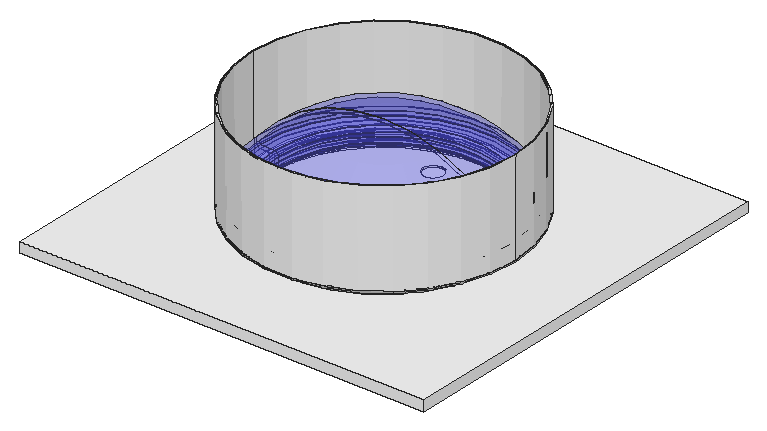
Revit family "BE_51017.2_de_DE", category Leuchten, Revit 2020
Family settings
  Basisbauteil = Fläche
  Bemaßung runder Anschluss = Durchmesser verwenden
  Teiletyp = Normal
  Beim Laden mit Abzugskörper schneiden = Ja
  Lichtquelle = Ja
  Gemeinsam genutzt = Nein
  Raumberechnungspunkt = Ja
Parameters (values of type "BEGA_51017.2_K3")
  built-in parameter 1150104 = 13.816 (stored number, unit not read)
  Wattage = 11.6 W
  Default Elevation = 0 mm
  built-in parameter 1150113 = 1 (stored number, unit not read)
  built-in parameter 1114218 = 1 (stored number, unit not read)
  Umgebungstemperatur = "25 °C"
  URL = "https://www.bega.com/de/produkt/51017.2"
  Typenkommentare = "© 2022 BEGA. Wir behalten uns das Recht vor, technische Änderungen ohne vorherige Ankündigung vorzunehmen."  # constant formula
  built-in parameter 1150134 = (empty or 0)
  built-in parameter 1150109 = 1 (stored number, unit not read)
  Strom = ""
  built-in parameter 1150110 = 1 (stored number, unit not read)
  Spannung = 239.996 V
  Sonderanfertigung = no
  Seriennummer [instance] = "Hier können Sie die eindeutige Seriennummer für das Facility Management eintragen."
  Schutzklasse = "I"
  Schutzart = "IP 20"
  Scheinlast = 0 VA
  Produktdatenblatt = "https://cdn.bega.com/bega/products/51017.2K3/current/documents/data-sheets/de"
  Oberflächentemperatur = ""
  Neigungswinkel = 0.00°
  Modell = "51017.2K3"
  Material_34 = BEGA_Oberfläche_Samtweiss_matt
  Material_22 = BEGA_Oberfläche_Aluminium_matt
  Material_14 = BEGA_Kunststoff_opal
  M_W = no
  M_G = no
  M_A = no
  Logo = 0
  built-in parameter 1114217 = 1 (stored number, unit not read)
  built-in parameter 1150139 = (empty or 0)
  built-in parameter 1150105 = 137.27 (stored number, unit not read)
  built-in parameter 1150114 = 1 (stored number, unit not read)
  Lumens = 1725.04 lm
  built-in parameter 1150115 = 1 (stored number, unit not read)
  Leuchtenlichtstrom = "1026 lm"
  Leuchtenanzahl = ""
  Lebensdauerkriterien = "L70B50 @ 25 °C = 131000 h"
  Lastklassifizierung = Beleuchtung
  built-in parameter 1150112 = 1 (stored number, unit not read)
  Lampenlichtstrom = "1725 lm"
  Lampe = "LED 11.6 W"
  LED_Modulbezeichnung = "LED-0509/930"
  Hersteller = "BEGA"  # constant formula
  Halbstreuwinkel = ""
  Gewicht = "1.55 kg"
  Gebrauchslageneinschränkung [instance] = ""
  Frequenz = "50-60 Hz"
  Farbwiedergabeindex = "CRI > 90"
  Farbtemperaturverschiebung bei Dämpfen der Lampe = <Keine Auswahl>
  Farbtemperatur = "3000 K"
  Color Filter = 16777215
  built-in parameter 1150133 = 10 (stored number, unit not read)
  Energieeffizienzklasse = "LED A++ - A"
  built-in parameter 1150137 = (empty or 0)
  built-in parameter 1150132 = (empty or 0)
  ENEC = "ja"
  Dimmbar [instance] = "on/off"
  Datei für fotometrisches Netz = "BE_51017-2K3.ies"
  CE_Konformität = "ja"
  Bestellnummer = "51017.2K3"
  Beschreibung_Sonderanfertigung = "Hier können Sie Informationen zur Sonderanfertigung eintragen."
  Beschreibung = "Deckenleuchte"
  built-in parameter 1150106 = 1.3727 (stored number, unit not read)
  Befestigungsbohrung = "Ø 5,5 mm"
  Befestigungsabstand = "180 mm"
  Ballwurfsicher = ""
  BEGA_Intern_aus = yes
  BEGA_Intern_an = yes
  BEGA_Intern_Konstruktion = yes
  BEGA_Intern = yes
  BEGA_IES = yes
  BEGA_Dummy = no
  Anschlussleitung = ""
  Anschlussleistung [instance] = "15.5 W"
  Anschlusskasten = ""
  built-in parameter 1150107 = 3000 (stored number, unit not read)
  built-in parameter 1150102 = (empty or 0)
  built-in parameter 1150138 = (empty or 0)
  Aktualisierung = "2022-12-13T04:00:03"
  Abstand_zur_angestrahlten_Fläche [instance] = ""
  AC/DC = "AC"
Reference planes
  plane 1 "Mitte (Vorne/Hinten)": y = 0
  plane 2: z = 0
  plane 3 "Mitte (Links/Rechts)": x = 0
  plane 4 "Links": x = -131.008
  plane 5 "Rechts": x = 130.988
  plane 6 "Unten": y = -130.896
  plane 7 "Oben": y = 130.91
  plane 8 "Vorne": z = 104.998
  plane 9 "Hinten": z = 0
Forms (mm)
  Extrusion 1, solid, material "BEGA_Platte_Weiss"
    sketch origin (0, -1119.2, 0) x (1, 0, 0) y (0, 1, 0)
      loop
        line (-200, 1319.2) -> (-200, 919.2) -> (200, 919.2) -> (200, 1319.2) -> (-200, 1319.2)
    from 0 to -10
  Extrusion 2, solid, material "BEGA_Dummy_matt", visible <- "BEGA_Dummy"
    sketch origin (77.149, -76.023, 0) x (1, 0, 0) y (0, 1, 0)
      loop
        circle (-77.149, 76.023) r 130.825
    from 0 to 104.998
Dimensions and locks
  plane 1 "Mitte (Vorne/Hinten)" to Extrusion 1 = 200 mm
  aligned and locked: Extrusion 1 to plane 2
  aligned and locked: Extrusion 1 to level
Nested families
  nested 1: "BE_51017.2_Leuchte" at (0, 0, 0), type "BE_51017.2_Leuchte"
Connectors
  electrical at (0, 0, 0), driven by "Lastklassifizierung", driven by "Spannung", driven by "Scheinlast"
    settings: index 1, voltage 239.996 V, apparent load 0 VA, apparent load phase1 0 VA, apparent load phase2 0 VA, apparent load phase3 0 VA, power factor 1, load classification "Beleuchtung", number of poles 1, system type 31, power factor state 1, is connector primary yes, connector utility no, sub classification motor no, connector description ""
Definition of nested family "BE_51017.2_Leuchte"
  Parameters (values of type "BE_51017.2_Leuchte")
    Default Elevation = 1 mm
    URL = "http://www.bega.de/de/produkt"
    Type Comments = "© 2015 BEGA. Wir behalten uns das Recht vor, technische Änderungen ohne vorherige Ankündigung vorzunehmen. "  # constant formula
    Type Image = (empty or 0)
    Material_34 = none
    Material_22 = none
    Material_14 = none
    Länge_Platte = 200 mm  # constant formula
    Höhe_Platte = -10 mm  # constant formula
    Manufacturer = "BEGA"  # constant formula
    Breite_Platte = 200 mm  # constant formula
  Reference planes
    plane 1 "Mitte (Oben/Unten)": y = 0
    plane 2: z = 0
    plane 3 "Mitte (Links/Rechts)": x = 0
    plane 4: y = 130.91
    plane 5: x = 130.988
    plane 6: y = -130.896
    plane 7: x = -131.008
    plane 8: z = 104.998
    plane 9: z = 0
  Forms (mm)
    Extrusion 1, solid, detail levels medium
      sketch origin (0, 0, 0) x (1, 0, 0) y (0, 1, 0)
        loop
          line (-100, 100) -> (-100, -100) -> (100, -100) -> (100, 100) -> (-100, 100)
      from 0 to -10 <- "Höhe_Platte"
    Revolve 2, solid, material <- "Material_34"
      sketch origin (0, 0, 0) x (1, 0, 0) y (0, 0, 1)
        loop
          line (115.329, 20) -> (117.5, 20) -> (117.5, 21) -> (115.331, 21)
          arc (115.331, 21) -> (114.063, 20.484) -> (113.524, 19.225) r 1.8
          line (113.524, 19.225) -> (113.276, 4.974)
          arc (113.276, 4.974) -> (112.826, 3.93) -> (111.774, 3.5) r 1.5
          line (111.774, 3.5) -> (0, 3.5) -> (0, 2.5) -> (111.777, 2.5)
          arc (111.777, 2.5) -> (113.501, 3.19) -> (114.274, 4.878) r 2.5
          line (114.274, 4.878) -> (114.524, 19.21)
          arc (114.524, 19.21) -> (114.764, 19.771) -> (115.329, 20) r 0.8
        axis (0, 2.5) -> (0, 21)
      angle from 0 to 360
    Extrusion 3, void
      sketch origin (0, 0, 0) x (1, 0, 0) y (0, 1, 0)
        loop
          circle (-15, 80) r 10
        loop
          circle (15, 80) r 10
        loop
          circle (-90, 0) r 2.75
        loop
          circle (90, 0) r 2.75
      from 0 to 4.878
    Revolve 4, solid, material <- "Material_14"
      sketch origin (0, 0, 0) x (1, 0, 0) y (0, 0, 1)
        loop
          arc (0, 87.2) -> (67.014, 72.201) -> (121.239, 30.065) r 157.2
          arc (121.239, 30.065) -> (122.17, 27.888) -> (121.777, 25.553) r 4.2
          line (121.777, 25.553) -> (107.481, 24.804)
          arc (107.481, 24.804) -> (104.796, 23.561) -> (103.7, 20.813) r 4
          line (103.7, 20.813) -> (103.7, 17) -> (103.7, 11.774)
          arc (103.7, 11.774) -> (104.098, 10.28) -> (105.186, 9.182) r 3.003
          line (105.186, 9.182) -> (107.458, 7.87)
          arc (107.458, 7.87) -> (108.492, 6.868) -> (108.941, 5.5) r 3.003
          line (108.941, 5.5) -> (112.75, 5.5) -> (112.75, 8.743)
          arc (112.75, 8.743) -> (112.644, 9.141) -> (112.354, 9.434) r 0.801
          line (112.354, 9.434) -> (108, 11.947)
          arc (108, 11.947) -> (107.634, 12.314) -> (107.5, 12.814) r 1.001
          line (107.5, 12.814) -> (107.5, 17) -> (107.5, 20.051)
          arc (107.5, 20.051) -> (107.774, 20.739) -> (108.446, 21.05) r 1
          line (108.446, 21.05) -> (121.856, 21.752)
          arc (121.856, 21.752) -> (123.904, 22.445) -> (125.293, 24.103) r 4
          arc (125.293, 24.103) -> (125.93, 28.446) -> (124.179, 32.472) r 8
          arc (124.179, 32.472) -> (68.64, 75.635) -> (0, 91) r 161
          line (0, 91) -> (0, 87.2)
        axis (0, 5.5) -> (0, 91)
      angle from 0 to 360
    Revolve 5, solid, material <- "Material_34"
      sketch origin (0, 0, 0) x (1, 0, 0) y (0, 0, 1)
        loop
          line (130.498, 11.487) -> (130.825, 104.995) -> (129.825, 104.998) -> (129.498, 11.491)
          arc (129.498, 11.491) -> (129.203, 10.79) -> (128.5, 10.5) r 0.998
          line (128.5, 10.5) -> (116.927, 10.5)
          arc (116.927, 10.5) -> (116.003, 10.122) -> (115.609, 9.205) r 1.318
          line (115.609, 9.205) -> (115.5, 2.974)
          arc (115.5, 2.974) -> (114.899, 1.576) -> (113.491, 1) r 2.009
          line (113.491, 1) -> (110.5, 1) -> (110.5, 0) -> (113.491, 0)
          arc (113.491, 0) -> (115.6, 0.863) -> (116.5, 2.956) r 3.009
          line (116.5, 2.956) -> (116.614, 9.5) -> (128.5, 9.5)
          arc (128.5, 9.5) -> (129.909, 10.081) -> (130.498, 11.487) r 1.998
        axis (0, 0) -> (0, 104.998)
      angle from 0 to 360
    Revolve 6, solid, material <- "Material_22"
      sketch origin (0, 0, 0) x (1, 0, 0) y (0, 0, 1)
        loop
          line (110.5, 2.5) -> (110.5, 1) -> (113.491, 1)
          arc (113.491, 1) -> (114.899, 1.576) -> (115.5, 2.974) r 2.009
          line (115.5, 2.974) -> (115.606, 9.033)
          arc (115.606, 9.033) -> (115.987, 9.999) -> (116.905, 10.487) r 1.5
          line (116.905, 10.487) -> (128.998, 10.487)
          arc (128.998, 10.487) -> (129.725, 11.09) -> (130, 11.995) r 1.645
          line (130, 11.995) -> (130.325, 104.995) -> (129.325, 104.995) -> (128.998, 11.487) -> (116.846, 11.487)
          arc (116.846, 11.487) -> (115.266, 10.693) -> (114.606, 9.052) r 2.5
          line (114.606, 9.052) -> (114.491, 2.5) -> (110.5, 2.5)
        axis (0, 1) -> (0, 104.995)
      angle from 0 to 360
  Cuts and joins
    Extrusion 3 cuts Revolve 2
  Dimensions and locks
    equal spacing: Extrusion 1 sketch curve, plane 3 "Mitte (Links/Rechts)", Extrusion 1 sketch curve
    equal spacing: Extrusion 1 sketch curve, plane 1 "Mitte (Oben/Unten)", Extrusion 1 sketch curve
    "Länge_Platte": Extrusion 1 sketch curve to Extrusion 1 sketch curve
    "Breite_Platte": Extrusion 1 sketch curve to Extrusion 1 sketch curve
    plane 1 "Mitte (Oben/Unten)" to Extrusion 1 = 100 mm  (x3)
    aligned and locked: plane 2 to Extrusion 1
    aligned and locked: level to Extrusion 1
  Automatic sketch dimensions
    Extrusion 3 sketch curve to plane 3 "Mitte (Links/Rechts)" = 15 mm
    plane 3 "Mitte (Links/Rechts)" to Extrusion 3 sketch curve = 15 mm
    Extrusion 3 sketch curve to plane 1 "Mitte (Oben/Unten)" = 80 mm
    Extrusion 3 sketch curve to Extrusion 3 sketch curve = 0 mm
    Revolve 2 sketch curve to Revolve 2 sketch curve = 0 mm  (x5)
    Revolve 2 sketch curve to plane 3 "Mitte (Links/Rechts)" = 0 mm  (x2)
    Revolve 2 sketch curve to Revolve 2 sketch curve = 0.003 mm  (x2)
    level to Revolve 2 sketch curve = 19.225 mm
    Revolve 2 sketch curve to Revolve 2 sketch curve = 1.747 mm
    level to Revolve 2 sketch curve = 19.21 mm
    Revolve 2 sketch curve to Revolve 2 sketch curve = 1 mm  (x2)
    Revolve 2 sketch curve to Revolve 2 sketch curve = 0.8 mm
    Revolve 2 sketch curve to Revolve 2 sketch curve = 0.004 mm
    Revolve 2 sketch curve to Revolve 2 sketch curve = 0.002 mm  (x2)
    Revolve 2 sketch curve to Revolve 2 sketch curve = 2.169 mm
    level to Revolve 2 sketch curve = 2.5 mm
    Revolve 2 sketch curve to Revolve 2 sketch curve = 1.5 mm
    Revolve 2 sketch curve to Revolve 2 sketch curve = 0.01 mm
    Revolve 2 sketch curve to Revolve 2 sketch curve = 1.497 mm
    level to Revolve 2 sketch curve = 4.974 mm
    Revolve 2 sketch curve to Revolve 2 sketch curve = 0.998 mm
    Revolve 2 sketch curve to level = 609.6 mm
    Revolve 2 sketch curve to Revolve 2 sketch curve = 2588.058 mm
    plane 3 "Mitte (Links/Rechts)" to Revolve 2 sketch curve = 111.777 mm
    level to Revolve 2 sketch curve = 5 mm
    Revolve 2 sketch curve to Revolve 2 sketch curve = 0.096 mm
    Revolve 4 sketch curve to plane 3 "Mitte (Links/Rechts)" = 0 mm  (x3)
    plane 3 "Mitte (Links/Rechts)" to Revolve 4 sketch curve = 0 mm
    level to Revolve 4 sketch curve = 27.391 mm
    plane 3 "Mitte (Links/Rechts)" to Revolve 4 sketch curve = 118 mm
    Revolve 4 sketch curve to level = 70 mm
    Revolve 4 sketch curve to Revolve 4 sketch curve = 0 mm  (x15)
    level to Revolve 4 sketch curve = 87.2 mm
    Revolve 4 sketch curve to Revolve 4 sketch curve = 3.239 mm
    Revolve 4 sketch curve to Revolve 4 sketch curve = 2.94 mm
    Revolve 4 sketch curve to Revolve 4 sketch curve = 4.054 mm
    Revolve 4 sketch curve to Revolve 4 sketch curve = 5.962 mm
    Revolve 4 sketch curve to Revolve 4 sketch curve = 539.6 mm
    Revolve 4 sketch curve to Revolve 4 sketch curve = 2518.058 mm
    Revolve 4 sketch curve to Revolve 4 sketch curve = 3.647 mm
    level to Revolve 4 sketch curve = 25.553 mm
    Revolve 4 sketch curve to Revolve 4 sketch curve = 0.13 mm
    Revolve 4 sketch curve to Revolve 4 sketch curve = 0.193 mm
    level to Revolve 4 sketch curve = 24.804 mm
    Revolve 4 sketch curve to Revolve 4 sketch curve = 10.519 mm
    level to Revolve 4 sketch curve = 21.05 mm
    Revolve 4 sketch curve to Revolve 4 sketch curve = 0.965 mm
    Revolve 4 sketch curve to Revolve 4 sketch curve = 0.079 mm
    level to Revolve 4 sketch curve = 21.752 mm
    Revolve 4 sketch curve to Revolve 4 sketch curve = 0.746 mm
    Revolve 4 sketch curve to Revolve 4 sketch curve = 0.239 mm
    Revolve 4 sketch curve to Revolve 4 sketch curve = 0.003 mm
    Revolve 4 sketch curve to Revolve 4 sketch curve = 3.813 mm
    Revolve 4 sketch curve to Revolve 4 sketch curve = 0.054 mm
    Revolve 4 sketch curve to Revolve 4 sketch curve = 0.759 mm
    Revolve 4 sketch curve to Revolve 4 sketch curve = 3.051 mm
    level to Revolve 4 sketch curve = 11.774 mm
    Revolve 4 sketch curve to Revolve 4 sketch curve = 3.8 mm
    level to Revolve 4 sketch curve = 17 mm
    Revolve 4 sketch curve to Revolve 4 sketch curve = 1.04 mm
    Revolve 4 sketch curve to Revolve 4 sketch curve = 1.001 mm
    Revolve 4 sketch curve to Revolve 4 sketch curve = 3.448 mm
    Revolve 4 sketch curve to Revolve 4 sketch curve = 0.405 mm
    Revolve 4 sketch curve to Revolve 4 sketch curve = 0.691 mm
    level to Revolve 4 sketch curve = 11.947 mm
    Revolve 4 sketch curve to Revolve 4 sketch curve = 0.5 mm
    Revolve 4 sketch curve to Revolve 4 sketch curve = 0.396 mm
    level to Revolve 4 sketch curve = 9.182 mm
    Revolve 4 sketch curve to Revolve 4 sketch curve = 1.486 mm
    Revolve 4 sketch curve to Revolve 4 sketch curve = 1.298 mm
    Revolve 4 sketch curve to Revolve 4 sketch curve = 0.174 mm
    level to Revolve 4 sketch curve = 7.87 mm
    Revolve 4 sketch curve to Revolve 4 sketch curve = 2.272 mm
    Revolve 4 sketch curve to Revolve 4 sketch curve = 3.243 mm
    Revolve 4 sketch curve to Revolve 4 sketch curve = 1.511 mm
    Revolve 4 sketch curve to Revolve 4 sketch curve = 2.595 mm
    Revolve 4 sketch curve to Revolve 4 sketch curve = 1.483 mm
    Revolve 5 sketch curve to Revolve 5 sketch curve = 0 mm  (x10)
    Revolve 5 sketch curve to plane 3 "Mitte (Links/Rechts)" = 0 mm
    Revolve 5 sketch curve to level = 0 mm
    level to Revolve 5 sketch curve = 1 mm
    plane 3 "Mitte (Links/Rechts)" to Revolve 5 sketch curve = 110.5 mm
    Revolve 5 sketch curve to Revolve 5 sketch curve = 2.991 mm
    level to Revolve 5 sketch curve = 2.974 mm
    Revolve 5 sketch curve to Revolve 5 sketch curve = 2.009 mm
    level to Revolve 5 sketch curve = 9.205 mm
    Revolve 5 sketch curve to Revolve 5 sketch curve = 0.109 mm
    level to Revolve 5 sketch curve = 2.956 mm
    Revolve 5 sketch curve to Revolve 5 sketch curve = 1 mm  (x3)
    level to Revolve 5 sketch curve = 9.5 mm
    Revolve 5 sketch curve to Revolve 5 sketch curve = 1.005 mm
    Revolve 5 sketch curve to Revolve 5 sketch curve = 0.313 mm
    Revolve 5 sketch curve to Revolve 5 sketch curve = 11.573 mm
    level to Revolve 5 sketch curve = 11.491 mm
    Revolve 5 sketch curve to Revolve 5 sketch curve = 0.998 mm
    Revolve 5 sketch curve to Revolve 5 sketch curve = 0.326 mm
    level to Revolve 5 sketch curve = 11.487 mm
    Revolve 5 sketch curve to Revolve 5 sketch curve = 0.035 mm
    Revolve 5 sketch curve to Revolve 5 sketch curve = 0.318 mm
    Revolve 5 sketch curve to Revolve 5 sketch curve = 0.007 mm
    Revolve 5 sketch curve to Revolve 5 sketch curve = 93.508 mm
    Revolve 5 sketch curve to Revolve 5 sketch curve = 0.003 mm
    Revolve 5 sketch curve to level = 609.6 mm
    Revolve 5 sketch curve to Revolve 5 sketch curve = 2504.06 mm
    Revolve 6 sketch curve to Revolve 6 sketch curve = 0 mm  (x4)
    Revolve 6 sketch curve to plane 3 "Mitte (Links/Rechts)" = 0 mm
    level to Revolve 6 sketch curve = 2.5 mm
    plane 3 "Mitte (Links/Rechts)" to Revolve 6 sketch curve = 110.5 mm
    Revolve 6 sketch curve to Revolve 6 sketch curve = 2.991 mm
    Revolve 6 sketch curve to Revolve 6 sketch curve = 1 mm  (x3)
    level to Revolve 6 sketch curve = 9.052 mm
    Revolve 6 sketch curve to Revolve 6 sketch curve = 1.115 mm
    level to Revolve 6 sketch curve = 9.033 mm
    Revolve 6 sketch curve to Revolve 6 sketch curve = 1.24 mm
    Revolve 6 sketch curve to Revolve 6 sketch curve = 0.059 mm
    Revolve 6 sketch curve to Revolve 6 sketch curve = 0.201 mm
    Revolve 6 sketch curve to Revolve 6 sketch curve = 11.509 mm
    Revolve 6 sketch curve to Revolve 6 sketch curve = 0.97 mm
    level to Revolve 6 sketch curve = 1 mm
    Revolve 6 sketch curve to Revolve 6 sketch curve = 0.509 mm
    Revolve 6 sketch curve to Revolve 6 sketch curve = 0.033 mm
    Revolve 6 sketch curve to Revolve 6 sketch curve = 92.994 mm
    Revolve 6 sketch curve to Revolve 6 sketch curve = 1.008 mm
    level to Revolve 6 sketch curve = 2.974 mm
    Revolve 6 sketch curve to Revolve 6 sketch curve = 1.002 mm
    Revolve 6 sketch curve to level = 609.6 mm
    Revolve 6 sketch curve to Revolve 6 sketch curve = 2504.063 mm
    Revolve 6 sketch curve to Revolve 6 sketch curve = 0.643 mm
    Revolve 6 sketch curve to Revolve 6 sketch curve = 0.508 mm
    radius of Extrusion 3 sketch curve = 10 mm  (x2)
